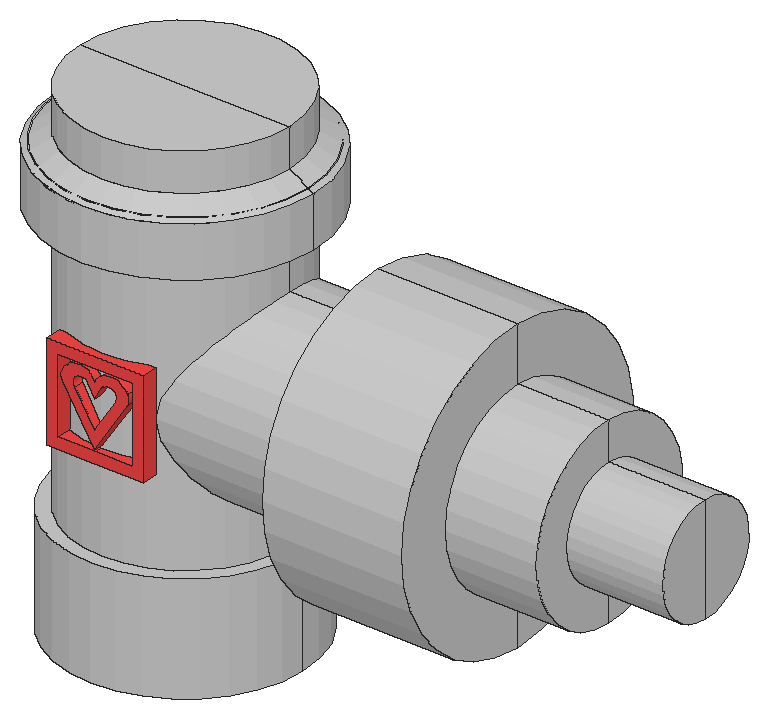
Revit family "RL-5 Return Valve Angle Model 3924", category Rohrzubehör, Revit 2019
Family settings
  Bemaßung runder Anschluss = Durchmesser verwenden
  Teiletyp = Unterbricht
  OmniClass-Nummer = 23.65.55.14
  OmniClass-Titel = Valves for Liquid Services
  Arbeitsebenenbasiert = Nein
  Immer vertikal = Nein
  Beim Laden mit Abzugskörper schneiden = Nein
  Gemeinsam genutzt = Nein
Parameters
  W01 = 120.00°  # constant formula
  URL = "www.herzvalves.com"
  SCRNSEQ = "ARM;ARM_TYP=\"ALLF\";2"
  SCRNCODE = "05;01;02"  # constant formula
  S04 = 45.000 mm  # constant formula
  S03 [instance] = H02 - 5.000 mm + 41.000 mm  # 54.000 mm
  S02 [instance] = L04 + L03 - L02  # 23.000 mm
  S01 = 10.000 mm  # constant formula
  R04 = 9.750 mm  # constant formula
  R03 = 12.000 mm  # constant formula
  R02 = 9.750 mm  # constant formula
  Part number [instance] = size_lookup("3924_5_", "Artnr", 0, Nennweite)  # 1392400
  Nennweite [instance] = 10.000 mm
  Model = "All models are nickel-plated and are universal models with special socket threaded pipe and compression union."
  Medium = "Hot water quality according to Austrian standard ÖNORM H 5195 and/or VDI guideline 2035."
  Max. operating temperature = 110 °C  # constant formula
  Max. operating pressure = 1000000.0 Pa  # constant formula
  LO1 [instance] = D03 - 0.500 mm  # 11.000 mm
  L04 [instance] = size_lookup("3924_5_", "L4", 1.000 mm, Nennweite)  # 17.500 mm
  L03 [instance] = size_lookup("3924_5_", "L3", 1.000 mm, Nennweite)  # 13.000 mm
  L02 [instance] = size_lookup("3924_5_", "L2", 1.000 mm, Nennweite)  # 7.500 mm
  L01 [instance] = size_lookup("3924_5_", "L1", 1.000 mm, Nennweite)  # 25.500 mm
  Hersteller = "HERZ Armaturen Ges.m.b.H."  # constant formula
  H07 [instance] = H02 - H04  # 13.000 mm
  H06 = 3.500 mm  # constant formula
  H05 = 9.500 mm  # constant formula
  H04 = 5.000 mm  # constant formula
  H03 [instance] = size_lookup("3924_5_", "H3", 1.000 mm, Nennweite)  # 10.000 mm
  H02 [instance] = size_lookup("3924_5_", "H2", 1.000 mm, Nennweite)  # 18.000 mm
  H01 [instance] = size_lookup("3924_5_", "H1", 1.000 mm, Nennweite)  # 22.500 mm
  GT1 [instance] = size_lookup("3924_5_", "GT1", 1.000 mm, Nennweite)  # 9.000 mm
  GT [instance] = size_lookup("3924_5_", "GT", 1.000 mm, Nennweite)  # 10.000 mm
  G2 [instance] = Nennweite / 2  # 5.000 mm
  G1 [instance] = Nennweite / 2  # 5.000 mm
  R01 = 11.000 mm  # constant formula
  D06 [instance] = 8.750 mm  # constant formula
  D05 [instance] = size_lookup("3924_5_", "D5", 1.000 mm, Nennweite)  # 8.500 mm
  D04 [instance] = size_lookup("3924_5_", "D4", 1.000 mm, Nennweite)  # 13.500 mm
  D03 [instance] = 11.500 mm  # constant formula
  D02 [instance] = size_lookup("3924_5_", "D2", 1.000 mm, Nennweite)  # 7.940 mm
  D01 [instance] = size_lookup("3924_5_", "D1", 1.000 mm, Nennweite)  # 11.000 mm
  Body = "nickel-plated"  # constant formula
  Application = "Hot Water Heating Systems\r\nAfter installation of the return valve it is possible to close the radiator return connection.\r\nWhen the intake valve is closed simultaneously (“0“-position for thermostat valves) it is possible to remove the radiator while the heating system remains under pressure.\r\nServicing and working behind the radiator (repapering, laying tiles) is possible without having to switch off the rest of the system.\r\nThe HERZ-RL-5 valve adjusts to allow the exact water quantity to flow through the radiator according to the heat requirements.\r\nThis is recommended particularly in systems equipped with thermostatic valves because lowering the temperature during nighttime becomes fully effective in terms of reducing power input when the water flowquantity is limited and the hydraulic equilibrium of the system is retained.\r\nThe HERZ-RL-5 valve permits filling or draining the radiator or the entire heating system."
Reference planes
  plane 1 "Mitte (Vorne/hinten)": y = 0
  plane 2: z = 0
  plane 3 "Mitte (Links/rechts)": x = 0
Forms (mm)
  Revolve 1, solid, material "Messing, weicher Gelbton, geschweißt", detail levels fine
    sketch origin (0, 0, 0) x (1, 0, 0) y (0, 0, 1)
      loop
        line (0, 18) -> (-11.5, 18) -> (-11.5, 13) -> (-9.75, 13) -> (-9.75, -12.5) -> (-11, -12.5) -> (-11, -22.5) -> (-5, -22.5) -> (-5, -12.5) -> (0, -12.5) -> (0, 18)
      axis (0, 18) -> (0, -22.5)
    angle from 0 to 360
  Revolve 2, solid, material "Messing, weicher Gelbton, geschweißt", detail levels fine
    sketch origin (0, 0, 0) x (1, 0, 0) y (0, 0, 1)
      loop
        line (0, 0) -> (25.5, 0) -> (25.5, 7.94) -> (18, 7.94) -> (18, 8.75) -> (0, 8.75) -> (0, 0)
      axis (0, 0) -> (25.5, 0)
    angle from 0 to 360
  Revolve 3, solid, material "Messing, weicher Gelbton, geschweißt", detail levels fine
    sketch origin (-1, 0, 0) x (1, 0, 0) y (0, 0, 1)
      loop
        line (26.5, 0) -> (49.5, 0) -> (49.5, 5) -> (40.5, 5) -> (40.5, 8.5) -> (32, 8.5) -> (32, 13.5) -> (19, 13.5) -> (19, 7.94) -> (26.5, 7.94) -> (26.5, 0)
      axis (19, 0) -> (49.5, 0)
    angle from 0 to 360
  Revolve 4, solid, material "Messing, weicher Gelbton, geschweißt", detail levels fine
    sketch origin (0, 0, 1.5) x (1, 0, 0) y (0, 0, 1)
      loop
        line (0, 11.5) -> (12, 11.5) -> (12, 16.201) -> (9.75, 17.5) -> (9.75, 21) -> (0, 21) -> (0, 11.5)
      axis (0, 21) -> (0, 11.5)
    angle from 0 to 360
Lines and regions (mm)
  model lines, detail levels coarse+medium
    curve 1: line (0, 0, 0) -> (11, 0, -22.5)
    curve 2: line (11, 0, -22.5) -> (-11, 0, -22.5)
    curve 3: line (-11, 0, -22.5) -> (0, 0, 0)
    curve 4: line (0, 0, 0) -> (25.5, 0, 13.5)
    curve 5: line (25.5, 0, 13.5) -> (25.5, 0, -13.5)
    curve 6: line (25.5, 0, -13.5) -> (0, 0, 0)
    curve 7: line (25.5, 0, 13.5) -> (35.5, 0, 13.5)
    curve 8: line (35.5, 0, 13.5) -> (25.5, 0, 0)
    curve 9: line (25.5, 0, -13.5) -> (35.5, 0, -13.5)
    curve 10: line (35.5, 0, -13.5) -> (25.5, 0, 0)
    curve 11: line (25.5, 0, 0) -> (48.5, 0, 0)
    curve 12: line (0, 0, 0) -> (11, -22.5, 0)
    curve 13: line (11, -22.5, 0) -> (-11, -22.5, 0)
    curve 14: line (-11, -22.5, 0) -> (0, 0, 0)
    curve 15: line (0, 0, 0) -> (25.5, 13.5, 0)
    curve 16: line (25.5, 13.5, 0) -> (25.5, -13.5, 0)
    curve 17: line (25.5, -13.5, 0) -> (0, 0, 0)
    curve 18: line (25.5, 13.5, 0) -> (35.5, 13.5, 0)
    curve 19: line (35.5, 13.5, 0) -> (25.5, 0, 0)
    curve 20: line (25.5, -13.5, 0) -> (35.5, -13.5, 0)
    curve 21: line (25.5, 0, 0) -> (35.5, -13.5, 0)
Dimensions and locks
  "H02": Revolve 1 sketch curve to plane 2
  "H01": plane 2 to Revolve 1 sketch curve
  "G1": Revolve 1 sketch curve to Revolve 1 sketch curve
  "D01": Revolve 1 sketch curve to Revolve 1 sketch curve
  "GT": Revolve 1 sketch curve to Revolve 1 sketch curve
  "H03": Revolve 1 sketch curve to Revolve 1 sketch curve
  "D02": Revolve 2 sketch curve to Revolve 2 sketch curve
  "D06": Revolve 2 sketch curve to Revolve 2 sketch curve
  "L02": Revolve 2 sketch curve to Revolve 2 sketch curve
  "R02": nested 1 to plane 1 "Mitte (Vorne/hinten)"
  "L02": Revolve 3 sketch curve to Revolve 3 sketch curve
  "L03": Revolve 3 sketch curve to Revolve 3 sketch curve
  "L04": Revolve 3 sketch curve to Revolve 3 sketch curve
  "D04": Revolve 3 sketch curve to Revolve 3 sketch curve
  "G2": Revolve 3 sketch curve to Revolve 3 sketch curve
  "D05": Revolve 3 sketch curve to Revolve 3 sketch curve
  "GT1": Revolve 3 sketch curve to Revolve 3 sketch curve
  "L01": plane 3 "Mitte (Links/rechts)" to Revolve 3 sketch curve
  "D02": Revolve 3 sketch curve to plane 2
  "H01": plane 2 to curve 2
  "L01": curve 5 to plane 3 "Mitte (Links/rechts)"
  "D01": curve 2 to plane 3 "Mitte (Links/rechts)" to curve 3
  "D04": curve 5 to plane 2 to curve 6
  "S01": curve 5 to curve 8
  "S01": curve 5 to curve 10
  "S02": curve 11 to curve 11
  "H01": curve 13 to plane 1 "Mitte (Vorne/hinten)"
  "D01": curve 14 to plane 3 "Mitte (Links/rechts)" to curve 13
  "L01": plane 3 "Mitte (Links/rechts)" to curve 16
  "D04": curve 17 to plane 1 "Mitte (Vorne/hinten)" to curve 16
  "S01": curve 16 to curve 19
  "S01": curve 16 to curve 21
  "R02": Revolve 1 sketch curve to Revolve 1 sketch curve
  "D03": Revolve 1 sketch curve to Revolve 1 sketch curve
  "H04": Revolve 1 sketch curve to Revolve 1 sketch curve
  "L01": Revolve 2 sketch curve to plane 3 "Mitte (Links/rechts)"
  "H05": Revolve 4 sketch curve to Revolve 4 sketch curve
  "R04": Revolve 4 sketch curve to Revolve 4 sketch curve
  "R03": Revolve 4 sketch curve to Revolve 4 sketch curve
  "H06": Revolve 4 sketch curve to Revolve 4 sketch curve
  "H07": Revolve 4 sketch curve to plane 2
  "W01": angle Revolve 4 sketch curve to Revolve 4 sketch curve
  aligned and locked: level to plane 2
Automatic sketch dimensions
  curve 4 to level = 0.000 mm
  curve 4 to plane 3 "Mitte (Links/rechts)" = 0.000 mm
  curve 11 to level = 0.000 mm
  curve 8 to level = 0.000 mm
  plane 1 "Mitte (Vorne/hinten)" to curve 14 = 0.000 mm
  curve 14 to plane 3 "Mitte (Links/rechts)" = 0.000 mm
  plane 1 "Mitte (Vorne/hinten)" to curve 19 = 0.000 mm
  Revolve 1 sketch curve to plane 3 "Mitte (Links/rechts)" = 0.000 mm  (x2)
  Revolve 1 sketch curve to Revolve 1 sketch curve = 345.545 mm
  Revolve 1 sketch curve to Revolve 1 sketch curve = 2189.815 mm
  Revolve 2 sketch curve to level = 0.000 mm  (x2)
  Revolve 2 sketch curve to plane 3 "Mitte (Links/rechts)" = 0.000 mm
  Revolve 2 sketch curve to plane 3 "Mitte (Links/rechts)" = 9.500 mm
  Revolve 2 sketch curve to Revolve 2 sketch curve = 1815.148 mm
  Revolve 3 sketch curve to level = 0.000 mm  (x2)
  Revolve 3 sketch curve to plane 3 "Mitte (Links/rechts)" = 1507.530 mm
  Revolve 3 sketch curve to Revolve 3 sketch curve = 1789.648 mm
  Revolve 4 sketch curve to plane 3 "Mitte (Links/rechts)" = 0.000 mm  (x2)
  Revolve 4 sketch curve to level = 364.545 mm
  Revolve 4 sketch curve to Revolve 4 sketch curve = 2188.615 mm
Nested families
  nested 1: "Herz-Logo-vorne" at (0, -9.75, 0) x (0, -1, 0) z (0, 0, 1), type "Herz-Logo-vorne", detail levels fine
Connectors
  piping at (0, 0, -12.5), diameter 10, driven by "Nennweite"
    settings: on Revolve 1, index 1, connector inside diameter 609.6 mm, connector length 0.000 mm, flow factor 0, pipe flow 0.0 L/s, pressure drop 0.0 Pa, fitting loss kfactor 0, connector angle 0.00°, fixture units 0, engagement length 0.000 mm, angle of deflection 0.00°, flow configuration 0, flow direction 1, fitting loss method 0, system type 8, joint type 0, gender type 0, connector reference index -1, connector utility 0, adjustable connector no, is connector primary yes, connector description ""
  piping at (48.5, 0, 0), diameter 10, driven by "Nennweite"
    settings: on Revolve 3, index 2, connector inside diameter 609.6 mm, connector length 0.000 mm, flow factor 0, pipe flow 0.0 L/s, pressure drop 0.0 Pa, fitting loss kfactor 0, connector angle 0.00°, fixture units 0, engagement length 0.000 mm, angle of deflection 0.00°, flow configuration 0, flow direction 2, fitting loss method 0, system type 8, joint type 0, gender type 0, connector reference index -1, connector utility 0, adjustable connector no, is connector primary no, connector description ""
Definition of nested family "Herz-Logo-vorne"
  Reference planes
    plane 1 "Mitte (Vorne/hinten)": y = 0
    plane 2: z = 0
    plane 3 "Mitte (Links/rechts)": x = 0
  Forms (mm)
    Extrusion 1, solid
      sketch origin (0.732, -0.018, 0.017) x (0, -1, 0) y (0, 0, 1)
        loop
          line (-0.018, -4.517) -> (4.482, -4.517) -> (4.482, 4.483) -> (-4.518, 4.483) -> (-4.518, -4.517) -> (-0.018, -4.517)
        loop
          line (-0.05, -3.48) -> (3.482, -3.48) -> (3.482, 3.483) -> (-3.518, 3.483) -> (-3.518, -3.48) -> (-0.05, -3.48)
        loop
          arc (-0.018, 2.383) -> (-1.543, 3.287) -> (-3.067, 2.383) r 1.738
          arc (-3.067, 2.383) -> (-3.191, 1.899) -> (-3.067, 1.415) r 1.009
          line (-3.067, 1.415) -> (-0.018, -3.281) -> (3.032, 1.415)
          arc (3.032, 1.415) -> (3.156, 1.899) -> (3.032, 2.383) r 1.009
          arc (3.032, 2.383) -> (1.507, 3.287) -> (-0.018, 2.383) r 1.738
        loop
          arc (1.885, 1.272) -> (2.005, 1.675) -> (1.885, 2.079) r 0.74
          arc (1.885, 2.079) -> (1.265, 2.416) -> (0.644, 2.079) r 0.74
          line (0.644, 2.079) -> (-0.018, 0.97) -> (-0.679, 2.079)
          arc (-0.679, 2.079) -> (-1.3, 2.416) -> (-1.921, 2.079) r 0.74
          arc (-1.921, 2.079) -> (-2.04, 1.675) -> (-1.921, 1.272) r 0.74
          line (-1.921, 1.272) -> (-0.018, -1.658) -> (1.885, 1.272)
      from 0 to 1.5
  Dimensions and locks
    aligned and locked: level to plane 2
